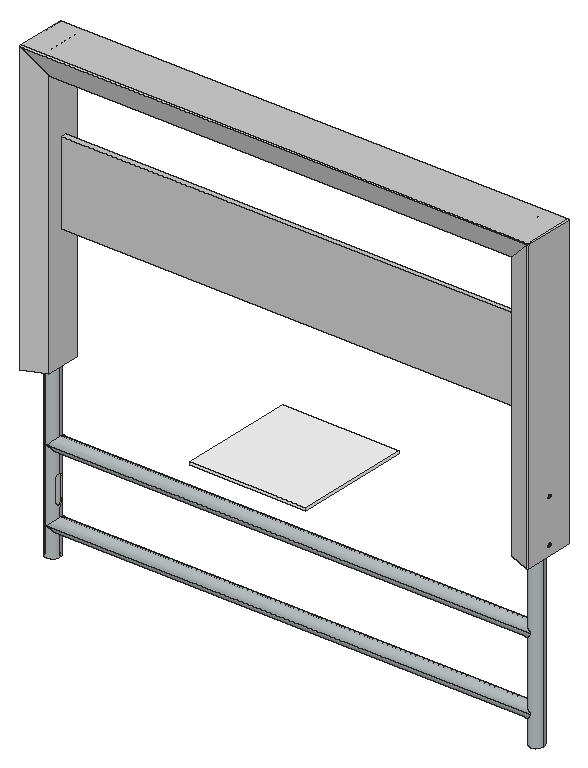
Revit family "BE_99069_de_DE", category Leuchten, Revit 2015
Parameters (values of type "BEGA_99069_Silber_K4")
  built-in parameter 1150104 = 14.672 (stored number, unit not read)
  Wattage = 50.4 W
  Default Elevation = 0 mm
  built-in parameter 1150113 = 1 (stored number, unit not read)
  built-in parameter 1114218 = 1 (stored number, unit not read)
  Umgebungstemperatur = ""
  URL = "http://www.bega.de/produkt/99069"
  Typenkommentare = "© 2016 BEGA. Wir behalten uns das Recht vor, technische Änderungen ohne vorherige Ankündigung vorzunehmen."  # constant formula
  Type Image = 99069.png
  built-in parameter 1150134 = 12
  built-in parameter 1150109 = 1 (stored number, unit not read)
  Strom = ""
  built-in parameter 1150110 = 1 (stored number, unit not read)
  Spannung = 239.996 V
  Sonderanfertigung = no
  Seriennummer [instance] = "Hier können Sie die eindeutige Seriennummer für das Facility Management eintragen."
  Schutzklasse = "I"
  Schutzart = "IP 65"
  Scheinlast = 0 VA
  Produktdatenblatt = "http://www.bega.de/download/Xrfa/db/99069.db.de.pdf"
  Oberflächentemperatur = ""
  Neigungswinkel = 0.00°
  Modell = "99069AK4"
  Material_18 = BEGA_Gummi_schwarz
  Material_17 = BEGA_Reflektor
  Material_15 = BEGA_Leuchtmedium_matt
  Material_11 = BEGA_Glas_opal
  Material_10 = BEGA_Glas_matt
  Material_09 = BEGA_Glas_klar
  Material_08 = BEGA_Oberfläche_Stahl_verzinkt
  Material_06 = BEGA_Oberfläche_Edelstahl_gebürstet
  Material_03 = BEGA_Oberfläche_Weiss_matt
  Material_02 = BEGA_Oberfläche_Silber_matt
  Material_01 [instance] = BEGA_Oberfläche_Grafit_matt
  M_W = no
  M_G = no
  M_A = yes
  Logo = 0
  built-in parameter 1114217 = 1 (stored number, unit not read)
  built-in parameter 1150139 = (empty or 0)
  built-in parameter 1150105 = 633.41 (stored number, unit not read)
  built-in parameter 1150114 = 1 (stored number, unit not read)
  Lumens = 7959.67 lm
  built-in parameter 1150115 = 1 (stored number, unit not read)
  Leuchtenlichtstrom = "3559 lm"
  Leuchtenanzahl = ""
  Lebensdauerkriterien = "L70 = 50.000 h"
  Lastklassifizierung = Beleuchtung
  built-in parameter 1150112 = 1 (stored number, unit not read)
  Lampenlichtstrom = "7960 lm"
  Lampe = "LED 50.4 W"
  LED_Modulbezeichnung = "4x LED-0462/840  "
  built-in parameter 1150142 = (empty or 0)
  Hersteller = "BEGA"  # constant formula
  Halbstreuwinkel = ""
  Gewicht = "58.0 kg"
  Gebrauchslageneinschränkung [instance] = ""
  Frequenz = "0/50-60 Hz"
  Farbwiedergabeindex = "Ra > 80"
  Farbtemperaturverschiebung bei Dämpfen der Lampe = <Keine Auswahl>
  Farbtemperatur = "4000 K"
  Color Filter = 16777215
  built-in parameter 1150133 = 10 (stored number, unit not read)
  Energieeffizienzklasse = "LED A++ - A"
  built-in parameter 1150137 = (empty or 0)
  built-in parameter 1150132 = (empty or 0)
  ENEC = ""
  Datei für fotometrisches Netz = "BE_99069K4.IES"
  CE_Konformität = "ja"
  Bestellnummer = "99069AK4"
  Beschreibung_Sonderanfertigung = "Hier können Sie Informationen zur Sonderanfertigung eintragen."
  Beschreibung = "Hinweisleuchte"
  built-in parameter 1150106 = 6.3341 (stored number, unit not read)
  Befestigungsbohrung = ""
  Befestigungsabstand = ""
  Ballwurfsicher = ""
  BEGA_Intern_aus = yes
  BEGA_Intern_an = yes
  BEGA_Intern_Konstruktion = yes
  BEGA_Intern = yes
  BEGA_IES = yes
  BEGA_Dummy = no
  Anschlussleitung = ""
  Anschlussleistung [instance] = "59 W"
  Anschlusskasten = ""
  built-in parameter 1150107 = 4000 (stored number, unit not read)
  built-in parameter 1150102 = (empty or 0)
  built-in parameter 1150138 = (empty or 0)
  Aktualisierung = "2016-10-20T04:14:09"
  Abstand_zur_angestrahlten_Fläche [instance] = ""
  AC/DC = "AC/DC"
Types (4, lengths in mm): name | built-in parameter 1150104 | built-in parameter 1150134 | Modell | M_G | M_A | built-in parameter 1150105 | Lumens | Leuchtenlichtstrom | Lampenlichtstrom | LED_Modulbezeichnung | Farbtemperatur | Datei für fotometrisches Netz | Bestellnummer | built-in parameter 1150106 | built-in parameter 1150107
  BEGA_99069_Grafit_K3 | 13.419 (stored number, unit not read) | (empty or 0) | "99069" | yes | no | 579.31 (stored number, unit not read) | 7279.78 lm | "3255 lm" | "7280 lm" | "4x LED-0462/830  " | "3000 K" | "BE_99069.IES" | "99069" | 5.7931 (stored number, unit not read) | 3000 (stored number, unit not read)
  BEGA_99069_Silber_K3 | 13.419 (stored number, unit not read) | (empty or 0) | "99069A" | no | yes | 579.31 (stored number, unit not read) | 7279.78 lm | "3255 lm" | "7280 lm" | "4x LED-0462/830  " | "3000 K" | "BE_99069.IES" | "99069A" | 5.7931 (stored number, unit not read) | 3000 (stored number, unit not read)
  BEGA_99069_Silber_K4 | 14.672 (stored number, unit not read) | 12 | "99069AK4" | no | yes | 633.41 (stored number, unit not read) | 7959.67 lm | "3559 lm" | "7960 lm" | "4x LED-0462/840  " | "4000 K" | "BE_99069K4.IES" | "99069AK4" | 6.3341 (stored number, unit not read) | 4000 (stored number, unit not read)
  BEGA_99069_Grafit_K4 | 14.672 (stored number, unit not read) | 12 | "99069K4" | yes | no | 633.41 (stored number, unit not read) | 7959.67 lm | "3559 lm" | "7960 lm" | "4x LED-0462/840  " | "4000 K" | "BE_99069K4.IES" | "99069K4" | 6.3341 (stored number, unit not read) | 4000 (stored number, unit not read)
Reference planes
  plane 1 "Mitte (Vorne/Hinten)": y = 0
  plane 2: z = 0
  plane 3 "Mitte (Links/Rechts)": x = 0
  plane 4 "Links": x = -877.141
  plane 5 "Rechts": x = 877.141
  plane 6 "Unten": y = -90
  plane 7 "Oben": y = 90
  plane 8 "Vorne": z = 1002.142
  plane 9 "Hinten": z = -594.874
Forms (mm)
  Extrusion 1, solid, material "BEGA_Platte_Weiss"
    sketch origin (0, -1119.2, 0) x (1, 0, 0) y (0, 1, 0)
      loop
        line (-200, 1319.2) -> (-200, 919.2) -> (200, 919.2) -> (200, 1319.2) -> (-200, 1319.2)
    from 0 to -10
  Extrusion 2, solid, material "BEGA_Dummy_matt", visible <- "BEGA_Dummy"
    sketch origin (80.095, -76.023, 0) x (1, 0, 0) y (0, 1, 0)
      loop
        line (-957.237, 166.023) -> (-957.237, -13.977) -> (797.046, -13.977) -> (797.046, 166.023) -> (-957.237, 166.023)
    from 0 to 25.379
Dimensions and locks
  plane 1 "Mitte (Vorne/Hinten)" to Extrusion 1 = 200 mm
  aligned and locked: plane 2 to Extrusion 1
  aligned and locked: level to Extrusion 1
Nested families
  nested 1: "BE_99069" at (0, 0, 0), type "BE_99069"
Connectors
  electrical at (0, 0, 0), driven by "Lastklassifizierung", driven by "Spannung", driven by "Scheinlast"
    settings: index 1, voltage 239.996 V, apparent load 0 VA, apparent load phase1 0 VA, apparent load phase2 0 VA, apparent load phase3 0 VA, power factor 1, load classification "Beleuchtung", number of poles 1, system type 31, power factor state 1, is connector primary yes, connector utility no, sub classification motor no, connector description ""
Definition of nested family "BE_99069"
  Parameters (values of type "BE_99069")
    Default Elevation = 1 mm
    URL = "http://www.bega.de/de/produkt"
    Type Comments = "© 2015 BEGA. Wir behalten uns das Recht vor, technische Änderungen ohne vorherige Ankündigung vorzunehmen. "  # constant formula
    Type Image = (empty or 0)
    Material_18 = none
    Material_17 = none
    Material_15 = none
    Material_11 = none
    Material_10 = none
    Material_09 = none
    Material_08 = none
    Material_06 = none
    Material_03 = none
    Material_02 = none
    Material_01 = none
    M_W = yes
    M_G = yes
    M_A = yes
    Länge_Platte = 1900 mm  # constant formula
    Höhe_Platte = -10 mm  # constant formula
    Manufacturer = "BEGA"  # constant formula
    Breite_Platte = 300 mm  # constant formula
  Reference planes
    plane 1 "Mitte (Oben/Unten)": y = 0
    plane 2: z = 0
    plane 3 "Mitte (Links/Rechts)": x = 0
    plane 4: x = -877.141
    plane 5: z = -594.874
    plane 6: z = 1002.142
    plane 7: x = 877.141
    plane 8: y = -90
    plane 9: y = 90
  Forms (mm)
    Extrusion 1, solid, detail levels medium
      sketch origin (0, 0, 0) x (1, 0, 0) y (0, 1, 0)
        loop
          line (-950, 150) -> (-950, -150) -> (950, -150) -> (950, 150) -> (-950, 150)
      from 0 to -10 <- "Höhe_Platte"
    Extrusion 2, solid, material <- "Material_01", visible <- "M_G", detail levels medium+fine
      sketch origin (0, 0, 0) x (1, 0, 0) y (0, 1, 0)
        loop
          line (-877.141, -91.373) -> (-797.141, -60) -> (-797.141, 60) -> (-877.141, 91.373) -> (-877.141, -91.373)
        loop
          line (-862.923, 81.5) -> (-873.141, 81.5) -> (-873.141, -81.5) -> (-862.923, -81.5) -> (-801.141, -57.272) -> (-801.141, 57.272) -> (-862.923, 81.5)
        loop
          line (877.141, -91.373) -> (877.141, 91.373) -> (797.141, 60) -> (797.141, -60) -> (877.141, -91.373)
        loop
          line (862.923, 81.5) -> (801.141, 57.272) -> (801.141, -57.272) -> (862.923, -81.5) -> (873.141, -81.5) -> (873.141, 81.5) -> (862.923, 81.5)
      from 0 to 1002.142
    Extrusion 3, solid, material <- "Material_01", visible <- "M_G", detail levels medium+fine
      sketch origin (0, 0, -594.874) x (0, 1, 0) y (0, 0, 1)
        loop
          line (91.373, 1597.015) -> (-91.373, 1597.015) -> (-60, 1517.015) -> (60, 1517.015) -> (91.373, 1597.015)
        loop
          line (81.5, 1593.015) -> (-85.474, 1593.015) -> (-57.236, 1521.015) -> (57.258, 1521.015) -> (81.5, 1582.937) -> (81.5, 1593.015)
      from -877.141 to 877.141
    Extrusion 4, void
      sketch origin (0, 0, -594.874) x (1, 0, 0) y (0, 0, 1)
        loop
          line (877.141, 1597.015) -> (873, 1597.015) -> (877.141, 1592.874) -> (877.141, 1597.015)
        loop
          line (-877.141, 1597.015) -> (-877.141, 1592.874) -> (-873, 1597.015) -> (-877.141, 1597.015)
      from -108.412 to 107.721
    Extrusion 5, void
      sketch origin (0, 0, 0) x (1, 0, 0) y (0, 1, 0)
        loop
          line (-877.141, -86.5) -> (-877.141, -93.991) -> (-871.761, -91.881) -> (-877.141, -86.5)
        loop
          line (-877.141, 86.5) -> (-871.761, 91.881) -> (-877.141, 93.991) -> (-877.141, 86.5)
      from -16.353 to 1020.999
    Extrusion 6, void
      sketch origin (0, 0, 0) x (-1, 0, 0) y (0, -1, 0)
        loop
          line (-877.141, 86.5) -> (-871.761, 91.881) -> (-877.141, 93.991) -> (-877.141, 86.5)
        loop
          line (-877.141, -86.5) -> (-877.141, -93.991) -> (-871.761, -91.881) -> (-877.141, -86.5)
      from -16.353 to 1020.999
    Extrusion 7, void
      sketch origin (0, 0, -594.874) x (0, 1, 0) y (0, 0, 1)
        loop
          line (-86.5, 1597.015) -> (-91.373, 1597.015) -> (-91.373, 1592.143) -> (-86.5, 1597.015)
        loop
          line (86.5, 1597.015) -> (91.373, 1592.143) -> (91.373, 1597.015) -> (86.5, 1597.015)
      from -896.445 to 902.845
    Extrusion 8, solid, material <- "Material_08", detail levels medium+fine
      sketch origin (0, 0, 0) x (1, 0, 0) y (0, 1, 0)
        loop
          circle (835.5, 0) r 20.95
        loop
          circle (835.5, 0) r 24.15
        loop
          circle (-832.5, 0) r 20.95
        loop
          circle (-832.5, 0) r 24.15
      from -594.874 to 205.126
    Extrusion 9, void
      sketch origin (0, 0, 0) x (0, 1, 0) y (0, 0, 1)
        loop
          line (37, 462) -> (-37, 462)
          arc (-37, 462) -> (-39.828, 460.828) -> (-41, 458) r 4
          line (-41, 458) -> (-41, 254)
          arc (-41, 254) -> (-39.828, 251.172) -> (-37, 250) r 4
          line (-37, 250) -> (37, 250)
          arc (37, 250) -> (39.828, 251.172) -> (41, 254) r 4
          line (41, 254) -> (41, 458)
          arc (41, 458) -> (39.828, 460.828) -> (37, 462) r 4
      from -878.041 to -874.413
    Extrusion 10, solid, material <- "Material_01", visible <- "M_G", detail levels medium+fine
      sketch origin (0, -3302.472, 0) x (0, 1, 0) y (0, 0, 1)
        loop
          line (3339.494, 460.925) -> (3265.45, 460.925)
          arc (3265.45, 460.925) -> (3263.354, 460.033) -> (3262.49, 457.926) r 3
          line (3262.49, 457.926) -> (3262.49, 253.95)
          arc (3262.49, 253.95) -> (3263.372, 251.836) -> (3265.489, 250.961) r 3
          line (3265.489, 250.961) -> (3339.455, 250.961)
          arc (3339.455, 250.961) -> (3341.575, 251.84) -> (3342.454, 253.961) r 3
          line (3342.454, 253.961) -> (3342.454, 457.915)
          arc (3342.454, 457.915) -> (3341.593, 460.029) -> (3339.494, 460.925) r 3
      from -877.141 to -874.413
    Revolve 11, void
      sketch origin (-3360.287, 0, 0) x (-1, 0, 0) y (0, 0, 1)
        loop
          line (-2488.038, 361.518) -> (-2488.038, 355.943) -> (-2482.123, 355.943) -> (-2482.123, 361.518) -> (-2488.038, 361.518)
        axis (-2488.038, 355.943) -> (-2482.123, 355.943)
      angle from 0 to 360
    Revolve 12, solid, material <- "Material_06", detail levels fine
      sketch origin (1609.004, 0, 0) x (1, 0, 0) y (0, 0, 1)
        loop
          line (-2487.645, 360.943) -> (-2487.645, 355.943) -> (-2481.645, 355.943) -> (-2481.645, 360.943) -> (-2487.645, 360.943)
        axis (-2487.645, 355.943) -> (-2481.645, 355.943)
      angle from 0 to 360
    Revolve 13, solid, material <- "Material_06", detail levels fine
      sketch origin (0, 0, 0) x (1, 0, 0) y (0, 0, 1)
        loop
          line (-878.192, 190.45) -> (-878.192, 189) -> (-880.813, 189) -> (-881.563, 188.25) -> (-881.563, 185) -> (-876.779, 185) -> (-876.779, 190.45) -> (-878.192, 190.45)
        axis (-881.563, 185) -> (-876.779, 185)
      angle from 0 to 360
    Revolve 14, solid, material <- "Material_06", detail levels fine
      sketch origin (0, 0, -150) x (1, 0, 0) y (0, 0, 1)
        loop
          line (-878.192, 190.45) -> (-878.192, 189) -> (-880.813, 189) -> (-881.563, 188.25) -> (-881.563, 185) -> (-876.779, 185) -> (-876.779, 190.45) -> (-878.192, 190.45)
        axis (-881.563, 185) -> (-876.779, 185)
      angle from 0 to 360
    Revolve 15, solid, material <- "Material_06", detail levels fine
      sketch origin (0, 0, 0) x (-1, 0, 0) y (0, 0, 1)
        loop
          line (-878.192, 190.45) -> (-878.192, 189) -> (-880.813, 189) -> (-881.563, 188.25) -> (-881.563, 185) -> (-876.779, 185) -> (-876.779, 190.45) -> (-878.192, 190.45)
        axis (-881.563, 185) -> (-876.779, 185)
      angle from 0 to 360
    Revolve 16, solid, material <- "Material_06", detail levels fine
      sketch origin (0, 0, -150) x (-1, 0, 0) y (0, 0, 1)
        loop
          line (-878.192, 190.45) -> (-878.192, 189) -> (-880.813, 189) -> (-881.563, 188.25) -> (-881.563, 185) -> (-876.779, 185) -> (-876.779, 190.45) -> (-878.192, 190.45)
        axis (-881.563, 185) -> (-876.779, 185)
      angle from 0 to 360
    Extrusion 17, void
      sketch origin (0, 0, 0) x (0, 1, 0) y (0, 0, 1)
        loop
          line (-51.5, 926.74) -> (-51.5, 918.632) -> (51.5, 918.632) -> (51.5, 926.74) -> (-51.5, 926.74)
      from -755 to 755
    Sweep 18, solid, material <- "Material_01", visible <- "M_G", detail levels medium+fine
      path origin (0, 0, 0) x (1, 0, 0) y (0, 1, 0)
        loop
          line (-755, -51.5) -> (755, -51.5) -> (755, 51.5) -> (-755, 51.5) -> (-755, -51.5)
      profile origin (0, -51.5, 0) x (0, 1, 0) y (0, 0, 1)
        loop
          line (1.5, 922.142) -> (27, 922.142) -> (27, 926.142) -> (1.5, 926.142) -> (1.5, 922.142)
    Extrusion 19, solid, material <- "Material_10", detail levels medium+fine
      sketch origin (0, 0, 0) x (0, 1, 0) y (0, 0, 1)
        loop
          line (-32.25, 931.142) -> (-32.25, 927.142) -> (32.25, 927.142) -> (32.25, 931.142) -> (-32.25, 931.142)
      from -742.412 to 744.733
    Revolve 20, void
      sketch origin (0, 0, 0) x (0, 1, 0) y (0, 0, 1)
        loop
          line (-46.25, 922.142) -> (-41.25, 922.142) -> (-41.25, 924.97) -> (-45.684, 924.97) -> (-45.684, 922.708) -> (-46.25, 922.142)
        axis (-41.25, 924.97) -> (-41.25, 922.142)
      angle from 0 to 360
    Revolve 21, void
      sketch origin (0, 0, 0) x (0, -1, 0) y (0, 0, 1)
        loop
          line (-46.25, 922.142) -> (-41.25, 922.142) -> (-41.25, 924.97) -> (-45.684, 924.97) -> (-45.684, 922.708) -> (-46.25, 922.142)
        axis (-41.25, 924.97) -> (-41.25, 922.142)
      angle from 0 to 360
    Revolve 22, void
      sketch origin (-600, 0, 0) x (0, 1, 0) y (0, 0, 1)
        loop
          line (-46.25, 922.142) -> (-41.25, 922.142) -> (-41.25, 924.97) -> (-45.684, 924.97) -> (-45.684, 922.708) -> (-46.25, 922.142)
        axis (-41.25, 924.97) -> (-41.25, 922.142)
      angle from 0 to 360
    Revolve 23, void
      sketch origin (-600, 0, 0) x (0, -1, 0) y (0, 0, 1)
        loop
          line (-46.25, 922.142) -> (-41.25, 922.142) -> (-41.25, 924.97) -> (-45.684, 924.97) -> (-45.684, 922.708) -> (-46.25, 922.142)
        axis (-41.25, 924.97) -> (-41.25, 922.142)
      angle from 0 to 360
    Revolve 24, void
      sketch origin (600, 0, 0) x (0, 1, 0) y (0, 0, -1)
        loop
          line (-46.25, -922.142) -> (-45.684, -922.708) -> (-45.684, -924.97) -> (-41.25, -924.97) -> (-41.25, -922.142) -> (-46.25, -922.142)
        axis (-41.25, -924.97) -> (-41.25, -922.142)
      angle from 0 to 360
    Revolve 25, void
      sketch origin (600, 0, 0) x (0, -1, 0) y (0, 0, 1)
        loop
          line (-46.25, 922.142) -> (-41.25, 922.142) -> (-41.25, 924.97) -> (-45.684, 924.97) -> (-45.684, 922.708) -> (-46.25, 922.142)
        axis (-41.25, 924.97) -> (-41.25, 922.142)
      angle from 0 to 360
    Revolve 26, solid, material <- "Material_06", detail levels fine
      sketch origin (0, 0, 0) x (0, 1, 0) y (0, 0, 1)
        loop
          line (-45.512, 924.97) -> (-45.512, 920.441) -> (-41.25, 920.441) -> (-41.25, 924.97) -> (-45.512, 924.97)
        axis (-41.25, 924.97) -> (-41.25, 920.441)
      angle from 0 to 360
    Revolve 27, solid, material <- "Material_06", detail levels fine
      sketch origin (0, 0, 0) x (0, -1, 0) y (0, 0, 1)
        loop
          line (-45.512, 924.97) -> (-45.512, 920.441) -> (-41.25, 920.441) -> (-41.25, 924.97) -> (-45.512, 924.97)
        axis (-41.25, 924.97) -> (-41.25, 920.441)
      angle from 0 to 360
    Revolve 28, solid, material <- "Material_06", detail levels fine
      sketch origin (-600, 0, 0) x (0, 1, 0) y (0, 0, 1)
        loop
          line (-45.512, 924.97) -> (-45.512, 920.441) -> (-41.25, 920.441) -> (-41.25, 924.97) -> (-45.512, 924.97)
        axis (-41.25, 924.97) -> (-41.25, 920.441)
      angle from 0 to 360
    Revolve 29, solid, material <- "Material_06", detail levels fine
      sketch origin (-600, 0, 0) x (0, -1, 0) y (0, 0, 1)
        loop
          line (-45.512, 924.97) -> (-45.512, 920.441) -> (-41.25, 920.441) -> (-41.25, 924.97) -> (-45.512, 924.97)
        axis (-41.25, 924.97) -> (-41.25, 920.441)
      angle from 0 to 360
    Revolve 30, solid, material <- "Material_06", detail levels fine
      sketch origin (600, 0, 0) x (0, 1, 0) y (0, 0, -1)
        loop
          line (-45.512, -924.97) -> (-41.25, -924.97) -> (-41.25, -920.441) -> (-45.512, -920.441) -> (-45.512, -924.97)
        axis (-41.25, -924.97) -> (-41.25, -920.441)
      angle from 0 to 360
    Revolve 31, solid, material <- "Material_06", detail levels fine
      sketch origin (600, 0, 0) x (0, -1, 0) y (0, 0, 1)
        loop
          line (-45.512, 924.97) -> (-45.512, 920.441) -> (-41.25, 920.441) -> (-41.25, 924.97) -> (-45.512, 924.97)
        axis (-41.25, 924.97) -> (-41.25, 920.441)
      angle from 0 to 360
    Extrusion 32, void
      sketch origin (0, 0, 0) x (0, 1, 0) y (0, 0, 1)
        loop
          arc (15, -349.874) -> (0, -334.874) -> (-15, -349.874) r 15
          line (-15, -349.874) -> (-15, -419.874)
          arc (-15, -419.874) -> (0, -434.874) -> (15, -419.874) r 15
          line (15, -419.874) -> (15, -349.874)
        loop
          circle (0, -584.874) r 5
      from -832.962 to -806.308
    Extrusion 33, void
      sketch origin (0, 0, 0) x (0, 1, 0) y (0, 0, -1)
        loop
          line (15, 349.874) -> (15, 419.874)
          arc (15, 419.874) -> (0, 434.874) -> (-15, 419.874) r 15
          line (-15, 419.874) -> (-15, 349.874)
          arc (-15, 349.874) -> (0, 334.874) -> (15, 349.874) r 15
        loop
          circle (0, 584.874) r 5
      from -829.89 to -806.308
    Extrusion 34, solid, material <- "Material_08", detail levels medium+fine
      sketch origin (0, 0, 0) x (0, 1, 0) y (0, 0, 1)
        loop
          circle (0, -244.874) r 20.95
        loop
          circle (0, -244.874) r 24.15
        loop
          circle (0, -494.874) r 20.95
        loop
          circle (0, -494.874) r 24.15
      from -832.5 to 835.5
    Extrusion 35, solid, material <- "Material_02", visible <- "M_A", detail levels medium+fine
      sketch origin (0, 0, 0) x (1, 0, 0) y (0, 1, 0)
        loop
          line (-877.141, -91.373) -> (-797.141, -60) -> (-797.141, 60) -> (-877.141, 91.373) -> (-877.141, -91.373)
        loop
          line (-862.923, 81.5) -> (-873.141, 81.5) -> (-873.141, -81.5) -> (-862.923, -81.5) -> (-801.141, -57.272) -> (-801.141, 57.272) -> (-862.923, 81.5)
        loop
          line (877.141, -91.373) -> (877.141, 91.373) -> (797.141, 60) -> (797.141, -60) -> (877.141, -91.373)
        loop
          line (862.923, 81.5) -> (801.141, 57.272) -> (801.141, -57.272) -> (862.923, -81.5) -> (873.141, -81.5) -> (873.141, 81.5) -> (862.923, 81.5)
      from 0 to 1002.142
    Extrusion 36, solid, material <- "Material_02", visible <- "M_A", detail levels medium+fine
      sketch origin (0, 0, -594.874) x (0, 1, 0) y (0, 0, 1)
        loop
          line (91.373, 1597.015) -> (-91.373, 1597.015) -> (-60, 1517.015) -> (60, 1517.015) -> (91.373, 1597.015)
        loop
          line (81.5, 1593.015) -> (-85.474, 1593.015) -> (-57.236, 1521.015) -> (57.258, 1521.015) -> (81.5, 1582.937) -> (81.5, 1593.015)
      from -877.141 to 877.141
    Extrusion 37, solid, material <- "Material_02", visible <- "M_A", detail levels medium+fine
      sketch origin (0, -3302.472, 0) x (0, 1, 0) y (0, 0, 1)
        loop
          line (3339.494, 460.925) -> (3265.45, 460.925)
          arc (3265.45, 460.925) -> (3263.354, 460.033) -> (3262.49, 457.926) r 3
          line (3262.49, 457.926) -> (3262.49, 253.95)
          arc (3262.49, 253.95) -> (3263.372, 251.836) -> (3265.489, 250.961) r 3
          line (3265.489, 250.961) -> (3339.455, 250.961)
          arc (3339.455, 250.961) -> (3341.575, 251.84) -> (3342.454, 253.961) r 3
          line (3342.454, 253.961) -> (3342.454, 457.915)
          arc (3342.454, 457.915) -> (3341.593, 460.029) -> (3339.494, 460.925) r 3
      from -877.141 to -874.413
    Sweep 38, solid, material <- "Material_02", visible <- "M_A", detail levels medium+fine
      path origin (0, 0, 0) x (1, 0, 0) y (0, 1, 0)
        loop
          line (-755, -51.5) -> (755, -51.5) -> (755, 51.5) -> (-755, 51.5) -> (-755, -51.5)
      profile origin (0, -51.5, 0) x (0, 1, 0) y (0, 0, 1)
        loop
          line (1.5, 922.142) -> (27, 922.142) -> (27, 926.142) -> (1.5, 926.142) -> (1.5, 922.142)
    Extrusion 39, solid, material <- "Material_01", visible <- "M_G", detail levels medium+fine
      sketch origin (0, 0, 0) x (0, 1, 0) y (0, 0, 1)
        loop
          line (9, 713.142) -> (-9, 713.142) -> (-9, 427.142) -> (9, 427.142) -> (9, 713.142)
        loop
          line (-6, 430.142) -> (6, 430.142) -> (6, 710.142) -> (-6, 710.142) -> (-6, 430.142)
      from -795.041 to 795.041
    Extrusion 40, solid, material <- "Material_01", visible <- "M_G", detail levels medium+fine
      sketch origin (0, 0, 0) x (-1, 0, 0) y (0, 0, -1)
        loop
          line (787.859, -669.786) -> (797.141, -669.786) -> (797.141, -469.786) -> (787.859, -469.786) -> (787.859, -669.786)
      from -6 to 6
    Extrusion 41, solid, material <- "Material_01", visible <- "M_G", detail levels medium+fine
      sketch origin (0, 0, 0) x (1, 0, 0) y (0, 0, 1)
        loop
          line (787.859, 669.786) -> (787.859, 469.786) -> (797.141, 469.786) -> (797.141, 669.786) -> (787.859, 669.786)
      from -6 to 6
    Extrusion 42, solid, material <- "Material_06", detail levels fine
      sketch origin (0, 0, 0) x (1, 0, 0) y (0, 1, 0)
        loop
          circle (-650.141, 0) r 5
        loop
          circle (650.141, 0) r 5
      from 426.573 to 438.729
    Extrusion 43, solid, material <- "Material_02", visible <- "M_A", detail levels medium+fine
      sketch origin (0, 0, 0) x (0, 1, 0) y (0, 0, 1)
        loop
          line (9, 713.142) -> (-9, 713.142) -> (-9, 427.142) -> (9, 427.142) -> (9, 713.142)
        loop
          line (-6, 430.142) -> (6, 430.142) -> (6, 710.142) -> (-6, 710.142) -> (-6, 430.142)
      from -795.041 to 795.041
  Cuts and joins
    Extrusion 4, Extrusion 5, Extrusion 6, Extrusion 7, Extrusion 9, Extrusion 17 cuts Extrusion 2
    Extrusion 4, Extrusion 5, Extrusion 6, Extrusion 7, Extrusion 17 cuts Extrusion 3
    joined: Extrusion 2, Extrusion 3
    Revolve 11 cuts Extrusion 10
    Revolve 20, Revolve 21, Revolve 22, Revolve 23, Revolve 24, Revolve 25 cuts Sweep 18
    Extrusion 32, Extrusion 33 cuts Extrusion 8
    joined: Extrusion 8, Extrusion 34
    Extrusion 4, Extrusion 5, Extrusion 6, Extrusion 7, Extrusion 9 cuts Extrusion 35
    Extrusion 4, Extrusion 5, Extrusion 6, Extrusion 7, Extrusion 17 cuts Extrusion 36
    joined: Extrusion 35, Extrusion 36
    Revolve 11 cuts Extrusion 37
    Revolve 20, Revolve 21, Revolve 22, Revolve 23, Revolve 24, Revolve 25 cuts Sweep 38
    joined: Extrusion 39, Extrusion 40, Extrusion 41
  Dimensions and locks
    equal spacing: Extrusion 1 sketch curve, plane 3 "Mitte (Links/Rechts)", Extrusion 1 sketch curve
    equal spacing: Extrusion 1 sketch curve, plane 1 "Mitte (Oben/Unten)", Extrusion 1 sketch curve
    "Länge_Platte": Extrusion 1 sketch curve to Extrusion 1 sketch curve
    "Breite_Platte": Extrusion 1 sketch curve to Extrusion 1 sketch curve
    aligned and locked: Extrusion 1 to plane 2
    aligned and locked: level to Extrusion 1
  Automatic sketch dimensions
    Extrusion 2 sketch curve to plane 4 = 0 mm
    Extrusion 2 sketch curve to plane 7 = 0 mm
    plane 4 to Extrusion 2 sketch curve = 4 mm
    Extrusion 2 sketch curve to Extrusion 2 sketch curve = 10.219 mm  (x2)
    Extrusion 2 sketch curve to plane 9 = 32.728 mm  (x2)
    Extrusion 2 sketch curve to Extrusion 2 sketch curve = 61.781 mm
    Extrusion 2 sketch curve to Extrusion 2 sketch curve = 4 mm  (x2)
    Extrusion 2 sketch curve to plane 8 = 30 mm  (x2)
    plane 7 to Extrusion 2 sketch curve = 80 mm
    Extrusion 2 sketch curve to plane 8 = 32.728 mm
    plane 7 to Extrusion 2 sketch curve = 14.219 mm  (x2)
    plane 7 to Extrusion 2 sketch curve = 4 mm
    Extrusion 2 sketch curve to plane 8 = 8.5 mm  (x2)
    plane 8 to Extrusion 2 sketch curve = 1.373 mm  (x2)
    Extrusion 2 sketch curve to Extrusion 2 sketch curve = 2.728 mm  (x3)
    Extrusion 2 sketch curve to plane 9 = 8.5 mm  (x2)
    plane 9 to Extrusion 2 sketch curve = 1.373 mm  (x2)
    Extrusion 3 sketch curve to plane 6 = 0 mm
    plane 8 to Extrusion 3 sketch curve = 1.373 mm
    Extrusion 3 sketch curve to plane 8 = 4.526 mm
    Extrusion 3 sketch curve to plane 8 = 30 mm
    Extrusion 3 sketch curve to Extrusion 3 sketch curve = 2.764 mm
    Extrusion 3 sketch curve to plane 9 = 32.742 mm
    Extrusion 3 sketch curve to Extrusion 3 sketch curve = 2.742 mm
    plane 6 to Extrusion 3 sketch curve = 4 mm
    Extrusion 3 sketch curve to plane 9 = 8.5 mm
    plane 9 to Extrusion 3 sketch curve = 1.372 mm
    Extrusion 3 sketch curve to Extrusion 3 sketch curve = 10.078 mm
    plane 6 to Extrusion 3 sketch curve = 76 mm
    Extrusion 3 sketch curve to Extrusion 3 sketch curve = 4 mm
    Extrusion 4 sketch curve to plane 4 = 0 mm
    plane 7 to Extrusion 4 sketch curve = 0 mm
    Extrusion 4 sketch curve to plane 6 = 0 mm  (x2)
    Extrusion 4 sketch curve to Extrusion 4 sketch curve = 4.142 mm  (x2)
    plane 6 to Extrusion 4 sketch curve = 4.142 mm  (x2)
    Extrusion 5 sketch curve to plane 4 = 0 mm  (x2)
    plane 8 to Extrusion 5 sketch curve = 1.881 mm
    plane 4 to Extrusion 5 sketch curve = 5.381 mm  (x2)
    plane 9 to Extrusion 5 sketch curve = 1.881 mm
    plane 8 to Extrusion 5 sketch curve = 3.991 mm
    Extrusion 5 sketch curve to plane 8 = 3.5 mm
    Extrusion 5 sketch curve to plane 9 = 3.5 mm
    plane 9 to Extrusion 5 sketch curve = 3.991 mm
    Extrusion 6 sketch curve to plane 7 = 0 mm  (x2)
    Extrusion 6 sketch curve to plane 8 = 1.881 mm
    Extrusion 6 sketch curve to plane 7 = 5.381 mm  (x2)
    Extrusion 6 sketch curve to plane 9 = 1.881 mm
    Extrusion 6 sketch curve to plane 8 = 3.991 mm
    plane 8 to Extrusion 6 sketch curve = 3.5 mm
    plane 9 to Extrusion 6 sketch curve = 3.5 mm
    Extrusion 6 sketch curve to plane 9 = 3.991 mm
    Extrusion 7 sketch curve to plane 6 = 0 mm
    plane 6 to Extrusion 7 sketch curve = 0 mm
    plane 8 to Extrusion 7 sketch curve = 1.373 mm
    Extrusion 7 sketch curve to plane 8 = 3.5 mm
    Extrusion 7 sketch curve to plane 9 = 3.5 mm
    plane 9 to Extrusion 7 sketch curve = 1.373 mm
    plane 6 to Extrusion 7 sketch curve = 4.872 mm  (x2)
    Extrusion 8 sketch curve to Extrusion 8 sketch curve = 0 mm  (x4)
    Extrusion 8 sketch curve to plane 1 "Mitte (Oben/Unten)" = 0 mm
    plane 1 "Mitte (Oben/Unten)" to Extrusion 8 sketch curve = 0 mm
    plane 4 to Extrusion 8 sketch curve = 44.641 mm
    plane 7 to Extrusion 8 sketch curve = 41.641 mm
    plane 1 "Mitte (Oben/Unten)" to Extrusion 9 sketch curve = 41 mm
    Extrusion 9 sketch curve to Extrusion 9 sketch curve = 4 mm  (x3)
    Extrusion 9 sketch curve to plane 1 "Mitte (Oben/Unten)" = 37 mm  (x2)
    level to Extrusion 9 sketch curve = 250 mm
    Extrusion 9 sketch curve to Extrusion 9 sketch curve = 204 mm
    plane 1 "Mitte (Oben/Unten)" to Extrusion 10 sketch curve = 39.982 mm
    plane 1 "Mitte (Oben/Unten)" to Extrusion 10 sketch curve = 37.022 mm
    Extrusion 10 sketch curve to Extrusion 10 sketch curve = 3 mm  (x6)
    Extrusion 10 sketch curve to Extrusion 10 sketch curve = 0.04 mm  (x2)
    Extrusion 10 sketch curve to plane 1 "Mitte (Oben/Unten)" = 36.982 mm  (x2)
    level to Extrusion 10 sketch curve = 253.95 mm
    Extrusion 10 sketch curve to Extrusion 10 sketch curve = 0.011 mm  (x2)
    Extrusion 10 sketch curve to Extrusion 10 sketch curve = 203.954 mm
    Extrusion 10 sketch curve to Extrusion 10 sketch curve = 0.01 mm
    Extrusion 10 sketch curve to Extrusion 10 sketch curve = 0.018 mm  (x4)
    Extrusion 10 sketch curve to Extrusion 10 sketch curve = 0 mm  (x5)
    Revolve 11 sketch curve to plane 4 = 4.892 mm
    plane 4 to Revolve 11 sketch curve = 1.022 mm
    Revolve 11 sketch curve to level = 355.943 mm
    Revolve 11 sketch curve to Revolve 11 sketch curve = 5.575 mm
    Revolve 11 sketch curve to Revolve 11 sketch curve = 0 mm  (x3)
    Revolve 12 sketch curve to plane 4 = 1.5 mm
    plane 4 to Revolve 12 sketch curve = 4.5 mm
    level to Revolve 12 sketch curve = 355.943 mm
    Revolve 12 sketch curve to Revolve 12 sketch curve = 5 mm
    Revolve 12 sketch curve to Revolve 12 sketch curve = 0 mm  (x3)
    Revolve 13 sketch curve to plane 4 = 4.421 mm
    Revolve 13 sketch curve to Revolve 13 sketch curve = 0.75 mm  (x2)
    Revolve 13 sketch curve to plane 4 = 1.051 mm
    plane 4 to Revolve 13 sketch curve = 0.363 mm
    level to Revolve 13 sketch curve = 185 mm
    Revolve 13 sketch curve to Revolve 13 sketch curve = 3.25 mm
    Revolve 13 sketch curve to Revolve 13 sketch curve = 1.45 mm
    Revolve 13 sketch curve to Revolve 13 sketch curve = 0 mm  (x3)
    Revolve 14 sketch curve to plane 4 = 4.421 mm
    Revolve 14 sketch curve to Revolve 14 sketch curve = 0.75 mm  (x2)
    Revolve 14 sketch curve to plane 4 = 1.051 mm
    plane 4 to Revolve 14 sketch curve = 0.363 mm
    level to Revolve 14 sketch curve = 35 mm
    Revolve 14 sketch curve to Revolve 14 sketch curve = 3.25 mm
    Revolve 14 sketch curve to Revolve 14 sketch curve = 1.45 mm
    Revolve 14 sketch curve to Revolve 14 sketch curve = 0 mm  (x3)
    plane 7 to Revolve 15 sketch curve = 4.421 mm
    Revolve 15 sketch curve to Revolve 15 sketch curve = 0.75 mm  (x2)
    plane 7 to Revolve 15 sketch curve = 1.051 mm
    Revolve 15 sketch curve to plane 7 = 0.363 mm
    Revolve 15 sketch curve to level = 185 mm
    Revolve 15 sketch curve to Revolve 15 sketch curve = 3.25 mm
    Revolve 15 sketch curve to Revolve 15 sketch curve = 1.45 mm
    Revolve 15 sketch curve to Revolve 15 sketch curve = 0 mm  (x3)
    plane 7 to Revolve 16 sketch curve = 4.421 mm
    Revolve 16 sketch curve to Revolve 16 sketch curve = 0.75 mm  (x2)
    plane 7 to Revolve 16 sketch curve = 1.051 mm
    Revolve 16 sketch curve to plane 7 = 0.363 mm
    Revolve 16 sketch curve to level = 35 mm
    Revolve 16 sketch curve to Revolve 16 sketch curve = 3.25 mm
    Revolve 16 sketch curve to Revolve 16 sketch curve = 1.45 mm
    Revolve 16 sketch curve to Revolve 16 sketch curve = 0 mm  (x3)
    Extrusion 17 sketch curve to plane 8 = 38.5 mm
    Extrusion 17 sketch curve to plane 9 = 38.5 mm
    plane 6 to Extrusion 17 sketch curve = 83.51 mm
    Extrusion 17 sketch curve to Extrusion 17 sketch curve = 8.108 mm
    Sweep 18 sketch curve to plane 9 = 38.5 mm
    plane 4 to Sweep 18 sketch curve = 122.141 mm
    plane 7 to Sweep 18 sketch curve = 122.141 mm
    Sweep 18 sketch curve to plane 8 = 38.5 mm
    Sweep 18 sketch curve to profile plane = 1.5 mm
    Sweep 18 sketch curve to Sweep 18 sketch curve = 25.5 mm
    level to Sweep 18 sketch curve = 922.142 mm
    Sweep 18 sketch curve to Sweep 18 sketch curve = 4 mm
    plane 1 "Mitte (Oben/Unten)" to Extrusion 19 sketch curve = 32.25 mm
    Extrusion 19 sketch curve to plane 1 "Mitte (Oben/Unten)" = 32.25 mm
    plane 6 to Extrusion 19 sketch curve = 75 mm
    Extrusion 19 sketch curve to Extrusion 19 sketch curve = 4 mm
    Revolve 20 sketch curve to plane 8 = 43.75 mm
    Revolve 20 sketch curve to Revolve 20 sketch curve = 0.566 mm  (x2)
    Revolve 20 sketch curve to Revolve 20 sketch curve = 4.434 mm
    plane 6 to Revolve 20 sketch curve = 80 mm
    Revolve 20 sketch curve to Revolve 20 sketch curve = 2.263 mm
    Revolve 20 sketch curve to Revolve 20 sketch curve = 0 mm  (x3)
    plane 9 to Revolve 21 sketch curve = 43.75 mm
    Revolve 21 sketch curve to Revolve 21 sketch curve = 0.566 mm  (x2)
    Revolve 21 sketch curve to Revolve 21 sketch curve = 4.434 mm
    Revolve 21 sketch curve to plane 6 = 80 mm
    Revolve 21 sketch curve to Revolve 21 sketch curve = 2.263 mm
    Revolve 21 sketch curve to Revolve 21 sketch curve = 0 mm  (x3)
    Revolve 22 sketch curve to plane 8 = 43.75 mm
    Revolve 22 sketch curve to Revolve 22 sketch curve = 0.566 mm  (x2)
    Revolve 22 sketch curve to Revolve 22 sketch curve = 4.434 mm
    plane 6 to Revolve 22 sketch curve = 80 mm
    Revolve 22 sketch curve to Revolve 22 sketch curve = 2.263 mm
    Revolve 22 sketch curve to Revolve 22 sketch curve = 0 mm  (x3)
    plane 9 to Revolve 23 sketch curve = 43.75 mm
    Revolve 23 sketch curve to Revolve 23 sketch curve = 0.566 mm  (x2)
    Revolve 23 sketch curve to Revolve 23 sketch curve = 4.434 mm
    Revolve 23 sketch curve to plane 6 = 80 mm
    Revolve 23 sketch curve to Revolve 23 sketch curve = 2.263 mm
    Revolve 23 sketch curve to Revolve 23 sketch curve = 0 mm  (x3)
    Revolve 24 sketch curve to plane 8 = 43.75 mm
    Revolve 24 sketch curve to Revolve 24 sketch curve = 0.566 mm
    Revolve 24 sketch curve to Revolve 24 sketch curve = 4.434 mm
    plane 6 to Revolve 24 sketch curve = 77.171 mm
    Revolve 24 sketch curve to Revolve 24 sketch curve = 2.263 mm
    Revolve 24 sketch curve to Revolve 24 sketch curve = 2.829 mm
    Revolve 24 sketch curve to Revolve 24 sketch curve = 0 mm  (x3)
    Revolve 25 sketch curve to plane 9 = 43.75 mm
    Revolve 25 sketch curve to Revolve 25 sketch curve = 0.566 mm  (x2)
    Revolve 25 sketch curve to Revolve 25 sketch curve = 4.434 mm
    plane 6 to Revolve 25 sketch curve = 80 mm
    Revolve 25 sketch curve to Revolve 25 sketch curve = 2.263 mm
    Revolve 25 sketch curve to Revolve 25 sketch curve = 0 mm  (x3)
    Revolve 26 sketch curve to plane 8 = 44.488 mm
    Revolve 26 sketch curve to Revolve 26 sketch curve = 4.262 mm
    plane 6 to Revolve 26 sketch curve = 81.7 mm
    Revolve 26 sketch curve to Revolve 26 sketch curve = 4.529 mm
    Revolve 26 sketch curve to Revolve 26 sketch curve = 0 mm  (x3)
    plane 9 to Revolve 27 sketch curve = 44.488 mm
    Revolve 27 sketch curve to Revolve 27 sketch curve = 4.262 mm
    Revolve 27 sketch curve to plane 6 = 81.7 mm
    Revolve 27 sketch curve to Revolve 27 sketch curve = 4.529 mm
    Revolve 27 sketch curve to Revolve 27 sketch curve = 0 mm  (x3)
    Revolve 28 sketch curve to plane 8 = 44.488 mm
    Revolve 28 sketch curve to Revolve 28 sketch curve = 4.262 mm
    plane 6 to Revolve 28 sketch curve = 81.7 mm
    Revolve 28 sketch curve to Revolve 28 sketch curve = 4.529 mm
    Revolve 28 sketch curve to Revolve 28 sketch curve = 0 mm  (x3)
    plane 9 to Revolve 29 sketch curve = 44.488 mm
    Revolve 29 sketch curve to Revolve 29 sketch curve = 4.262 mm
    Revolve 29 sketch curve to plane 6 = 81.7 mm
    Revolve 29 sketch curve to Revolve 29 sketch curve = 4.529 mm
    Revolve 29 sketch curve to Revolve 29 sketch curve = 0 mm  (x3)
    Revolve 30 sketch curve to plane 8 = 44.488 mm
    Revolve 30 sketch curve to Revolve 30 sketch curve = 4.262 mm
    plane 6 to Revolve 30 sketch curve = 77.171 mm
    Revolve 30 sketch curve to Revolve 30 sketch curve = 4.529 mm
    Revolve 30 sketch curve to Revolve 30 sketch curve = 0 mm  (x3)
    Revolve 31 sketch curve to plane 9 = 44.488 mm
    Revolve 31 sketch curve to Revolve 31 sketch curve = 4.262 mm
    plane 6 to Revolve 31 sketch curve = 81.7 mm
    Revolve 31 sketch curve to Revolve 31 sketch curve = 4.529 mm
    Revolve 31 sketch curve to Revolve 31 sketch curve = 0 mm  (x3)
    Extrusion 32 sketch curve to plane 1 "Mitte (Oben/Unten)" = 0 mm  (x2)
    plane 1 "Mitte (Oben/Unten)" to Extrusion 32 sketch curve = 15 mm
    Extrusion 32 sketch curve to plane 5 = 10 mm
    Extrusion 32 sketch curve to Extrusion 32 sketch curve = 165 mm
    Extrusion 32 sketch curve to Extrusion 32 sketch curve = 70 mm
    Extrusion 33 sketch curve to plane 1 "Mitte (Oben/Unten)" = 0 mm  (x2)
    plane 1 "Mitte (Oben/Unten)" to Extrusion 33 sketch curve = 15 mm
    Extrusion 33 sketch curve to plane 5 = 245 mm
    Extrusion 33 sketch curve to Extrusion 33 sketch curve = 70 mm
    Extrusion 33 sketch curve to plane 5 = 10 mm
    Extrusion 35 sketch curve to plane 4 = 0 mm
    Extrusion 35 sketch curve to plane 7 = 0 mm
    plane 4 to Extrusion 35 sketch curve = 4 mm
    Extrusion 35 sketch curve to Extrusion 35 sketch curve = 10.219 mm  (x2)
    Extrusion 35 sketch curve to plane 9 = 32.728 mm  (x2)
    Extrusion 35 sketch curve to Extrusion 35 sketch curve = 61.781 mm
    Extrusion 35 sketch curve to Extrusion 35 sketch curve = 4 mm  (x2)
    Extrusion 35 sketch curve to plane 8 = 30 mm  (x2)
    plane 7 to Extrusion 35 sketch curve = 80 mm
    Extrusion 35 sketch curve to plane 8 = 32.728 mm
    plane 7 to Extrusion 35 sketch curve = 14.219 mm  (x2)
    plane 7 to Extrusion 35 sketch curve = 4 mm
    Extrusion 35 sketch curve to plane 8 = 8.5 mm  (x2)
    plane 8 to Extrusion 35 sketch curve = 1.373 mm  (x2)
    Extrusion 35 sketch curve to Extrusion 35 sketch curve = 2.728 mm  (x3)
    Extrusion 35 sketch curve to plane 9 = 8.5 mm  (x2)
    plane 9 to Extrusion 35 sketch curve = 1.373 mm  (x2)
    Extrusion 36 sketch curve to plane 6 = 0 mm
    plane 8 to Extrusion 36 sketch curve = 1.373 mm
    Extrusion 36 sketch curve to plane 8 = 4.526 mm
    Extrusion 36 sketch curve to plane 8 = 30 mm
    Extrusion 36 sketch curve to Extrusion 36 sketch curve = 2.764 mm
    Extrusion 36 sketch curve to plane 9 = 32.742 mm
    Extrusion 36 sketch curve to Extrusion 36 sketch curve = 2.742 mm
    plane 6 to Extrusion 36 sketch curve = 4 mm
    Extrusion 36 sketch curve to plane 9 = 8.5 mm
    plane 9 to Extrusion 36 sketch curve = 1.372 mm
    Extrusion 36 sketch curve to Extrusion 36 sketch curve = 10.078 mm
    plane 6 to Extrusion 36 sketch curve = 76 mm
    Extrusion 36 sketch curve to Extrusion 36 sketch curve = 4 mm
    plane 1 "Mitte (Oben/Unten)" to Extrusion 37 sketch curve = 39.982 mm
    plane 1 "Mitte (Oben/Unten)" to Extrusion 37 sketch curve = 37.022 mm
    Extrusion 37 sketch curve to Extrusion 37 sketch curve = 3 mm  (x6)
    Extrusion 37 sketch curve to Extrusion 37 sketch curve = 0.04 mm  (x2)
    Extrusion 37 sketch curve to plane 1 "Mitte (Oben/Unten)" = 36.982 mm  (x2)
    level to Extrusion 37 sketch curve = 253.95 mm
    Extrusion 37 sketch curve to Extrusion 37 sketch curve = 0.011 mm  (x2)
    Extrusion 37 sketch curve to Extrusion 37 sketch curve = 203.954 mm
    Extrusion 37 sketch curve to Extrusion 37 sketch curve = 0.01 mm
    Extrusion 37 sketch curve to Extrusion 37 sketch curve = 0.018 mm  (x4)
    Extrusion 37 sketch curve to Extrusion 37 sketch curve = 0 mm  (x5)
    Sweep 38 sketch curve to plane 9 = 38.5 mm
    plane 4 to Sweep 38 sketch curve = 122.141 mm
    plane 7 to Sweep 38 sketch curve = 122.141 mm
    Sweep 38 sketch curve to plane 8 = 38.5 mm
    Sweep 38 sketch curve to profile plane = 1.5 mm
    Sweep 38 sketch curve to Sweep 38 sketch curve = 25.5 mm
    level to Sweep 38 sketch curve = 922.142 mm
    Sweep 38 sketch curve to Sweep 38 sketch curve = 4 mm
    plane 1 "Mitte (Oben/Unten)" to Extrusion 39 sketch curve = 9 mm
    Extrusion 39 sketch curve to Extrusion 39 sketch curve = 3 mm  (x4)
    Extrusion 39 sketch curve to plane 1 "Mitte (Oben/Unten)" = 6 mm
    level to Extrusion 39 sketch curve = 427.142 mm
    Extrusion 39 sketch curve to Extrusion 39 sketch curve = 280 mm
    Extrusion 40 sketch curve to plane 4 = 89.283 mm
    Extrusion 40 sketch curve to Extrusion 40 sketch curve = 9.283 mm
    Extrusion 40 sketch curve to level = 469.786 mm
    Extrusion 40 sketch curve to Extrusion 40 sketch curve = 200 mm
    plane 7 to Extrusion 41 sketch curve = 89.283 mm
    Extrusion 41 sketch curve to Extrusion 41 sketch curve = 9.283 mm
    level to Extrusion 41 sketch curve = 469.786 mm
    Extrusion 41 sketch curve to Extrusion 41 sketch curve = 200 mm
    Extrusion 42 sketch curve to plane 1 "Mitte (Oben/Unten)" = 0 mm  (x2)
    plane 4 to Extrusion 42 sketch curve = 227 mm
    plane 7 to Extrusion 42 sketch curve = 227 mm
    plane 1 "Mitte (Oben/Unten)" to Extrusion 43 sketch curve = 9 mm
    Extrusion 43 sketch curve to Extrusion 43 sketch curve = 3 mm  (x4)
    Extrusion 43 sketch curve to plane 1 "Mitte (Oben/Unten)" = 6 mm
    level to Extrusion 43 sketch curve = 427.142 mm
    Extrusion 43 sketch curve to Extrusion 43 sketch curve = 280 mm
    radius of Extrusion 8 sketch curve = 20.95 mm  (x2)
    radius of Extrusion 8 sketch curve = 24.15 mm  (x2)
    radius of Extrusion 32 sketch curve = 5 mm
    radius of Extrusion 33 sketch curve = 5 mm
    radius of Extrusion 42 sketch curve = 5 mm  (x2)
